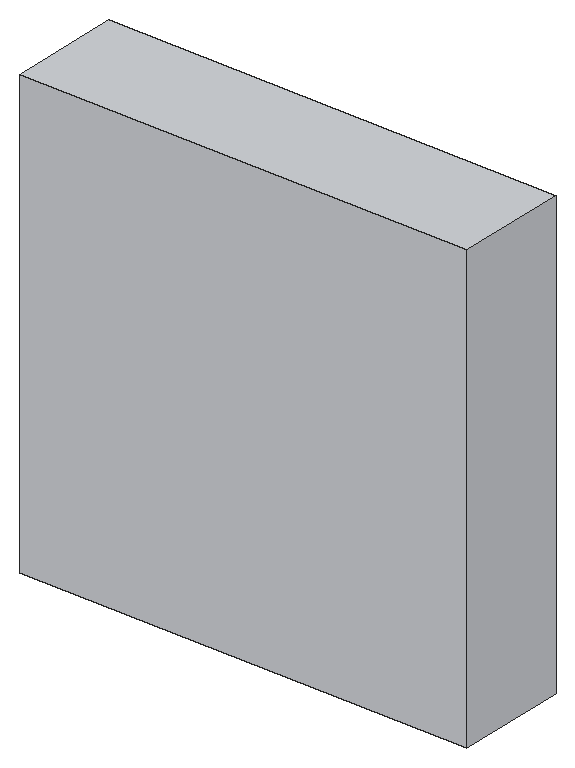
Revit family "XXX_ELT_Schrank", category Elektrische Ausstattung, Revit 2015
Parameters (values of type "1000x250x1200 (BxTxH) Doppeltür, Wandschrank")
  UK_Schrank = 1000 mm
  Tür vorne = no
  Tür hinten = no
  Tiefe = 250 mm
  OK_Schrank = UK_Schrank + Höhe  # 2000 mm
  Höhe = 1000 mm
  Doppeltür hinten = no
  Doppeltür Vorne = yes
  Breite = 1000 mm
  Beschriftung = "-"
Types (4, lengths in mm): name | UK_Schrank | Tür vorne | Tür hinten | Tiefe | Höhe | Doppeltür Vorne | Breite | Beschriftung
  800x800x2000 (BxTxH) Reserve | 0 | no | no | 800 | 2000 | no | 800 | "R"
  800x800x2000 (BxTxH) Doppeltür | 0 | no | no | 800 | 2000 | yes | 800 | "AV"
  800x800x2000 (BxTxH) Einfachtür, beidseitig | 0 | yes | yes | 800 | 2000 | no | 800 | "AV"
  1000x250x1200 (BxTxH) Doppeltür, Wandschrank | 1000 | no | no | 250 | 1000 | yes | 1000 | "-"
Reference planes
  plane 1 "Mitte (Vorne/Hinten)": y = 0
  plane 2: z = 0
  plane 3 "Mitte (Links/Rechts)": x = 0
  plane 4 "hinten": y = 125
  plane 5 "vorne": y = -125
  plane 6 "links": x = -500
  plane 7 "rechts": x = 500
  plane 8: y = 1125
  plane 9: y = -1125
  plane 10: y = 625
  plane 11: y = -625
  plane 12: z = 2000
  plane 13 "UK_Schrank": z = 1000
Forms (mm)
  Extrusion 1, solid
    sketch origin (0, 0, 0) x (1, 0, 0) y (0, 1, 0)
      loop
        line (-500, 125) -> (-500, -125) -> (500, -125) -> (500, 125) -> (-500, 125)
    from 1000 <- "UK_Schrank" to 2000 <- "OK_Schrank"
Lines and regions (mm)
  symbolic lines, style "gestrichelte Linie", visible <- "Tür hinten"
    curve 1: line (-500, 125, 0) -> (-500, 1125, 0)
    curve 3: arc (500, 125, 0) -> (207.107, 832.107, 0) -> (-500, 1125, 0) r 1000
  symbolic lines, style "gestrichelte Linie", visible <- "Tür vorne"
    curve 2: line (-500, -125, 0) -> (-500, -1125, 0)
    curve 4: arc (-500, -1125, 0) -> (207.107, -832.107, 0) -> (500, -125, 0) r 1000
  symbolic lines, style "gestrichelte Linie", visible <- "Doppeltür hinten"
    curve 5: line (-500, 125, 0) -> (-500, 625, 0)
    curve 6: line (500, 125, 0) -> (500, 625, 0)
    curve 9: arc (0, 125, 0) -> (-146.447, 478.553, 0) -> (-500, 625, 0) r 500
    curve 10: arc (500, 625, 0) -> (146.447, 478.553, 0) -> (0, 125, 0) r 500
  symbolic lines, style "gestrichelte Linie", visible <- "Doppeltür Vorne"
    curve 7: line (-500, -125, 0) -> (-500, -625, 0)
    curve 8: line (500, -125, 0) -> (500, -625, 0)
    curve 11: arc (0, -125, 0) -> (146.447, -478.553, 0) -> (500, -625, 0) r 500
    curve 12: arc (-500, -625, 0) -> (-146.447, -478.553, 0) -> (0, -125, 0) r 500
Dimensions and locks
  "Breite": plane 6 "links" to plane 7 "rechts"
  "Tiefe": plane 4 "hinten" to plane 5 "vorne"
  equal spacing: plane 6 "links", plane 3 "Mitte (Links/Rechts)", plane 7 "rechts"
  equal spacing: plane 4 "hinten", plane 1 "Mitte (Vorne/Hinten)", plane 5 "vorne"
  "Breite": plane 8 to plane 4 "hinten"
  "Breite": plane 5 "vorne" to plane 9
  equal spacing: plane 8, plane 10, plane 4 "hinten"
  equal spacing: plane 5 "vorne", plane 11, plane 9
  plane 7 "rechts" to plane 6 "links" = 1000 mm
  "OK_Schrank": plane 2 to plane 12
  "UK_Schrank": level to plane 13 "UK_Schrank"
  aligned and locked: level to plane 2
Automatic sketch dimensions
  Extrusion 1 sketch curve to plane 4 "hinten" = 0 mm
  Extrusion 1 sketch curve to plane 5 "vorne" = 0 mm
  Extrusion 1 sketch curve to plane 6 "links" = 0 mm
  Extrusion 1 sketch curve to plane 7 "rechts" = 0 mm
  curve 3 to curve 9 = 0 mm  (x2)
  curve 4 to curve 12 = 0 mm  (x2)
  curve 1 to plane 4 "hinten" = 0 mm
  curve 1 to plane 6 "links" = 0 mm
  curve 2 to plane 5 "vorne" = 0 mm
  curve 7 to plane 5 "vorne" = 0 mm
  curve 7 to plane 6 "links" = 0 mm
  curve 10 to plane 3 "Mitte (Links/Rechts)" = 0 mm
  curve 11 to plane 3 "Mitte (Links/Rechts)" = 0 mm
  curve 12 to plane 3 "Mitte (Links/Rechts)" = 0 mm
  curve 6 to plane 4 "hinten" = 0 mm
  curve 6 to plane 7 "rechts" = 0 mm
  curve 11 to plane 5 "vorne" = 0 mm
  curve 11 to plane 7 "rechts" = 0 mm
  curve 4 to plane 7 "rechts" = 0 mm
  curve 3 to plane 4 "hinten" = 0 mm
  curve 3 to plane 7 "rechts" = 0 mm
  curve 8 to plane 5 "vorne" = 0 mm
  curve 5 to plane 4 "hinten" = 0 mm
  curve 10 to plane 4 "hinten" = 0 mm
Nested families
  nested 1: "Schaltschranktext1" at (2.131, 11.606, 0), type "Schaltschranktext 2"
Connectors
  electrical at (0, 0, 0)
    settings: index 1, voltage 0 V, apparent load 0 VA, apparent load phase1 0 VA, apparent load phase2 0 VA, apparent load phase3 0 VA, power factor 1, load classification "Sonstige", number of poles 1, system type 31, power factor state 1, is connector primary yes, connector utility yes, sub classification motor no, connector description ""
Definition of nested family "Schaltschranktext1"
  Parameters
    Typ = ""
  Reference planes
    plane 1: y = 0
    plane 2: x = 0
  Lines and regions (mm)
    reference lines, not visible
      curve 1: line (-3.597, 18.061, 0) -> (3.76, 18.061, 0)
  Text (mm)
    label "Typ" at (0.096, -0.1, 0), shows "Typ"
    text "B" at (0.193, 23.67, 0), not visible
